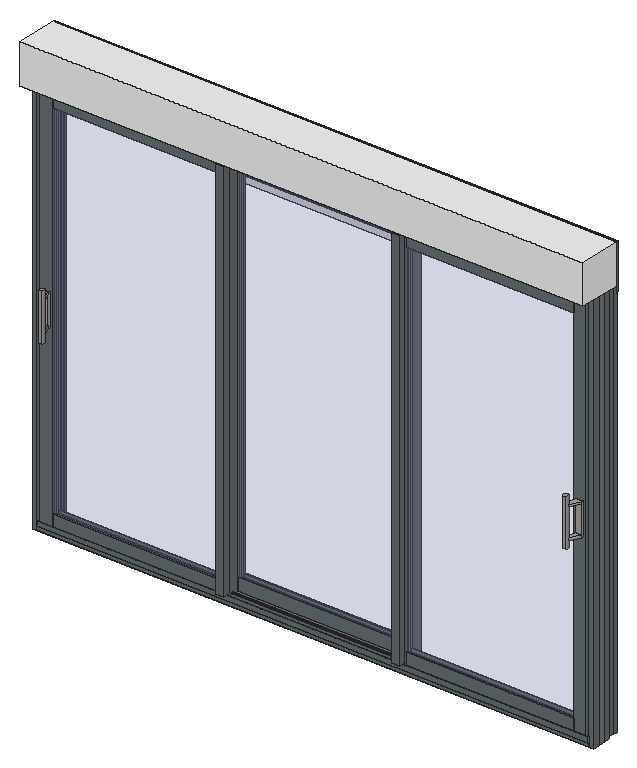
Revit family "K-LINE COULISSANT RENO-tunnel-KLBC2R-3V - Bloc Baie", category Fenêtres, Revit 2017
Family settings
  Hôte = Mur
  Numéro OmniClass = 23.30.20.00
  Titre OmniClass = Windows
  Toujours verticalement = Oui
  Couper avec des vides une fois chargée = Non
  Partagée = Non
  Point de calcul de pièce = Non
Parameters
  Youtube clip = ""
  Vitrage principal = ""
  Vitrage = Verre
  Visibilité des lames [instance] = yes
  Uniformat II Description = "Exterior Windows"
  Uniformat II Code = "B2020"
  Uniclass 2015 Name = "Doors and windows"
  Uniclass 2015 Code = "EF_25_30"
  Uniclass 2.0 Description = "Windows"
  Uniclass 2.0 Code = "PR-59-97"
  Uniclass 1.4 Description = "Windows"
  Uniclass 1.4 Code = "L413"
  URL = "https://pro.k-line.fr/baie-coulissante-2-rails.html"
  UNSPSC Code = "301716"
  Type porte fenêtre = Hauteur de fabrication > 1600.00 mm  # yes
  Type fenêtre = not(Type porte fenêtre)  # no
  Type de pose = "Pose en tunnel"
  Transmission thermique Uw = 1.4000 W/(m²·K)
  Transmission lumineuse TLw = "68%"
  Technical description = "http://www.pro.k-line.fr/baie-coulissante-2-rails.aspx"
  Symbole d'ouverture = yes
  Surface = Largeur * Hauteur  # 6.22415 m²
  SAV = "https://sav.k-line.fr/"
  QR code = "http://bimobject.com/k-line/product/KLBC2R-3VTX"
  Product url = "http://www.pro.k-line.fr/baie-coulissante-2-rails.aspx"
  Product group = "KL-BC2R"
  Product family = "Coulissants"
  Product data url = "https://www.bimobject.com/k-line/product/klbc2r-3vt-bbvr"
  Product certification = "http://www.pro.k-line.fr/baie-coulissante-2-rails-performances-certifications.aspx#produits"
  Product SKU = "KLBC2R-3VTX"
  Product Guid = "99e3d50a-99d2-419d-9c61-a74b00b3e5ee"
  Position traverse inter = Position du dessus de traverse - 64.00 mm  # 836.00 mm
  Position du dessus de traverse = 900.00 mm
  Position de l'ouvrant [instance] = if(Coulissant ouvert, Largeur de fabrication / 3 - 65.20 mm, 42.00 mm)  # 42.00 mm
  Outil de thermo-luminosité = "https://pro.k-line.fr/le-calculateur-de-performances-thermiques-thermo-luminositer.html"
  Origine France Garantie = "https://pro.k-line.fr/pdf/attestations/Attestation_definitive_OFG_K-LINE.pdf"
  Option habillage extérieur = yes
  OmniClass Description = "Windows"
  OmniClass Code = "23-17 13 00"
  Occultation Thermobloc SPPF = yes
  Occultation Thermobloc Petit = yes
  Occultation Thermobloc Grand = not(Occultation Thermobloc Petit)  # no
  Occultation Classic BUBENDORFF = not(Occultation Thermobloc SPPF)  # no
  Occultation = if(Occultation Thermobloc SPPF, "Thermobloc SPPF", "Classic BUBENDORFF")  # "Thermobloc SPPF"
  Numéro de série = "K.........."
  Note d'identification = "08520"
  Nombre de traverses intermédiaires = 0.00 mm
  Neuf / Réno / Multi support = "Réno"
  NBS Reference Description = "Windows"
  NBS Reference Code = "59-97"
  Mortaise et grille d'entrée d'air = "Non"
  Modèle = "KL-BC2R-2V"
  Message Hors abaques [instance] = yes
  Matériaux = "Aluminium et verre"
  Masterformat 2014 Description = "Aluminum Windows"
  Masterformat 2014 Code = "08 51 13"
  Manufacturer name = "K.LINE"
  Manufacturer country = "France"
  Largeur ouvrant ext = (Largeur de fabrication - 199.00 mm) / 3 + 50.00 mm  # 917.00 mm
  Largeur ouvrant = (Largeur de fabrication - 199.00 mm) / 3 + 72.50 mm  # 939.50 mm
  Largeur de store = Largeur de fabrication - 30.20 mm  # 2769.80 mm
  Largeur de fabrication = Largeur - Joint en montants * 2  # 2800.00 mm
  Rough Width [instance] = Largeur  # 2810.00 mm
  Joint en traverses = 5.00 mm
  Joint en montants = 5.00 mm
  Installation instructions = "https://pro.k-line.fr/notices-de-pose.html"
  IFC Classification = "Window"
  Ht coffre = if(Occultation Classic BUBENDORFF, 200.00 mm, (if(Occultation Thermobloc Grand, 225.00 mm, 195.00 mm)))  # 195.00 mm
  Hors abaques Porte Fenetre [instance] = or(or(1500.00 mm > Largeur de fabrication, Largeur de fabrication > 3000.00 mm), or(1601.00 mm > Hauteur de fabrication, Hauteur de fabrication > 2500.00 mm), and(Hauteur de fabrication > 2000.00 mm, Largeur de fabrication < 1600.00 mm), and(Hauteur de fabrication > 2100.00 mm, Largeur de fabrication < 1700.00 mm), and(Hauteur de fabrication > 2200.00 mm, Largeur de fabrication < 1800.00 mm), and(Hauteur de fabrication > 2350.00 mm, Largeur de fabrication > 3900.00 mm))  # no
  Hors abaques Fenetre [instance] = or(or(1200.00 mm > Largeur de fabrication, Largeur de fabrication > 3000.00 mm), or(500.00 mm > Hauteur de fabrication, Hauteur de fabrication > 1600.00 mm))  # yes
  Hors abaques [instance] = and(if(Type fenêtre, Hors abaques Fenetre, Hors abaques Porte Fenetre), Message Hors abaques)  # no
  Hauteur ouvrant = Hauteur dormant - 75.00 mm  # 1930.00 mm
  Hauteur dormant = Hauteur de fabrication - Ht coffre  # 2005.00 mm
  Hauteur de store = Hauteur dormant - 10.80 mm  # 1994.20 mm
  Hauteur de fabrication = Hauteur - Joint en traverses * 2 - 5.00 mm  # 2200.00 mm
  Rough Height [instance] = Hauteur  # 2215.00 mm
  Hauteur = 2215.00 mm
  Hauteur de l'appui par défaut = 0.00 mm
  Garanties = "https://www.pro.k-line.fr/pdf/Attestations-Avis_technique/Responsabilite_fabricant/Garanties_Legales_KLINE.pdf"
  Fermeture du mur = Par hôte
  Largeur = 2810.00 mm
  Famille de produit = "COULISSANT"
  Facteur solaire ScW (Hiver) = 0.55
  Fabricant = "K.LINE"
  Entretien = "https://www.pro.k-line.fr/pdf/Fiches_Entretien/Entretien_Menuiserie.pdf"
  Entreprise de pose = ""
  EAN code = ""
  Décalage intérieur du nu fini [instance] = 70.00 mm
  Description = "Fenêtre et porte fenêtre coulissante alu 2 rails"
  Coulissant ouvert [instance] = no
  Couleur lames de volet = BUBENDORFF - 100 (RAL 9016)
  Couleur châssis Int = K.Line Intemporel Gris foncé (7016 S) - EC
  Couleur châssis Ext = K.Line Intemporel Gris foncé (7016 S) - EC
  Couleur Accessoire Int = K.Line Accessoires Aspect Inox - TD
  Contraintes de Largeur = if(Type fenêtre, "1200 < Largeur < 3000", "1500 < Largeur < 3000")  # "1500 < Largeur < 3000"
  Contraintes de Hauteur = if(Type fenêtre, "500 < Hauteur < 1600", "1601 < Hauteur < 2400")  # "1601 < Hauteur < 2400"
  Construction analytique = "<Aucun>"
  Composition analytique de base = "Châssis 2350x2180 - Vitrage 4/WE Argon 20/TBE 4"
  Code d'assemblage = "B2020110"
  Classement AEV = "A*4 E*6B V*A3"
  Classe COV = "A+"
  Clair passage total = Largeur de fabrication / 3 - 116.00 mm  # 817.333 mm
  COBIe Type Category = ""
  Brand url = "http://www.k-line.fr/index.aspx"
  BIMobject main category code = "windows"
  BIMobject main category = "Windows"
  BIMobject category code = "windows-slide"
  BIMobject category = "Opening Slide"
  Avis technique = "https://pro.k-line.fr/attestations-avis-techniques.html"
  Affaiblissement acoustique R(A,tr) = "30dB"
Reference planes
  plane 1 "Centre (avant/arrière)": y = 0
  plane 2 "Centre (gauche/droite)": x = 0
  plane 3 "Gauche": x = -1405
  plane 4 "Droite": x = 1405
  plane 5 "Appui": z = 0
  plane 6 "Tête": z = 2215
  plane 7 "Extérieur": y = 150
  plane 8 "Intérieur": y = -150
  plane 9: y = -80
  plane 10: x = -1358
  plane 11: y = -350
  plane 12: x = -1400
  plane 13: x = 1400
  plane 14: z = 5
  plane 15: z = 44
  plane 16: z = 2010
  plane 17: x = 1358
Forms (mm)
  Extrusion 1, void
    sketch origin (0, 0, 0) x (1, 0, 0) y (0, 1, 0)
      loop
        line (-1405, 150) -> (-1405, -150) -> (1405, -150) -> (1405, 150) -> (-1405, 150)
    from 0 to 2215
Text (mm)
  text "EXTERIEUR" at (-1963.203, 1332.353, 0), in view "Niveau de réf."
  text "INTERIEUR" at (-1981.466, -818.386, 0), in view "Niveau de réf."
  text "Extérieur" at (0, 923.751, 2943.296), in view "Droite"
  text "Extérieur" at (0, 1040.484, 2685.409), in view "Gauche"
Dimensions and locks
  equal spacing: plane 3 "Gauche", plane 2 "Centre (gauche/droite)", plane 4 "Droite"
  "Largeur": plane 3 "Gauche" to plane 4 "Droite"
  "Hauteur": plane 5 "Appui" to plane 6 "Tête"
  "Hauteur de l'appui par défaut": plane 5 "Appui" to level
  locked: plane 7 "Extérieur" to host wall at 0
  locked: plane 8 "Intérieur" to host wall
  locked: plane 11 to plane 8 "Intérieur" at 200
  "Décalage intérieur du nu fini": plane 9 to plane 8 "Intérieur"
  "Joint en montants": plane 3 "Gauche" to plane 12
  "Joint en montants": plane 4 "Droite" to plane 13
  locked: plane 12 to plane 10 at 42
  "Joint en traverses": plane 14 to plane 5 "Appui"
  locked: plane 15 to plane 14 at 39
  "Hauteur dormant": plane 16 to plane 14
  "Position de l'ouvrant": plane 17 to plane 13
  aligned and locked: Extrusion 1 sketch curve to host wall  (x2)
  aligned and locked: Extrusion 1 sketch curve to plane 3 "Gauche"
  aligned and locked: plane 4 "Droite" to Extrusion 1 sketch curve
  aligned and locked: Extrusion 1 to plane 6 "Tête"
  aligned and locked: plane 5 "Appui" to Extrusion 1
  aligned and locked: nested 3 to plane 2 "Centre (gauche/droite)"
  aligned and locked: nested 3 to plane 11
  aligned and locked: nested 1 to plane 9
  aligned and locked: nested 1 to nested 2
  aligned and locked: plane 16 to nested 1
  aligned and locked: plane 15 to nested 2
  aligned and locked: plane 2 "Centre (gauche/droite)" to nested 4
  aligned and locked: nested 4 to plane 16
  aligned and locked: nested 4 to nested 1
  aligned and locked: plane 2 "Centre (gauche/droite)" to nested 2
  aligned and locked: nested 5 to nested 1
  aligned and locked: nested 5 to plane 10
  aligned and locked: plane 15 to nested 5
  aligned and locked: plane 17 to nested 6
  aligned and locked: nested 6 to plane 15
  aligned and locked: nested 1 to nested 6
  aligned and locked: nested 1 to plane 2 "Centre (gauche/droite)"
Nested families
  nested 1: "Dormant KL-BC2R RENO tunnel occultation" at (0, -80, 5), type "Dormant KL-BC2R RENO tunnel occultation"
    with Largeur 2800.00 mm, Hauteur 2005.00 mm
  nested 2: "Ouvrant KLBC-3V" at (-458.5, -3.25, 44) x (-1, 0, 0) z (0, 0, 1), type "Ouvrant KLBC-3V"
    with Position traverses 618.667 mm, Lg vitrage 867.00 mm, Lg traverse 837.00 mm, Largeur 917.00 mm, Ht vitrage 1834.00 mm, Ht traverse 1 836.00 mm, Hauteur 1930.00 mm
  nested 3: "Texte Hors abaques" at (0, -350, 0), visible <- "Hors abaques", type "Texte Hors abaques"
  nested 4: "Bloc Baie Reno" at (0, 61.75, 15.8) x (-1, 0, 0) z (0, 0, 1), Visibilité des lames <- "Visibilité des lames", type "Bloc Baie Reno"
    with Visibilité des lames yes, Profondeur coffre 215.00 mm, Largeur 2769.80 mm, Hauteur coffre 195.00 mm, Hauteur 1994.20 mm, Grand T no
  nested 5: "Ouvrant KLBC" at (-1358, -58.25, 44) x (-1, 0, 0) z (0, 0, 1), type "Ouvrant KLBC"
    with Vantail Int yes, Vantail Ext no, Renfort PF yes, Position symbole 85.00 mm, Poignée PF yes, Poignée F no, Poignée CPI no, Position traverses 618.667 mm, Porte fenêtre yes, Lg vitrage 867.00 mm, Lg traverse 837.00 mm, Largeur 939.50 mm, Ht vitrage 1834.00 mm, Ht traverse 1 836.00 mm, Hauteur 1930.00 mm, Fenêtre no
  nested 6: "Ouvrant KLBC" at (1358, -58.25, 44), type "Ouvrant KLBC"
    with Vantail Int yes, Vantail Ext no, Renfort PF yes, Position symbole 85.00 mm, Poignée PF yes, Poignée F no, Poignée CPI no, Position traverses 618.667 mm, Porte fenêtre yes, Lg vitrage 867.00 mm, Lg traverse 837.00 mm, Largeur 939.50 mm, Ht vitrage 1834.00 mm, Ht traverse 1 836.00 mm, Hauteur 1930.00 mm, Fenêtre no
Definition of nested family "Dormant KL-BC2R RENO tunnel occultation"
  Parameters
    Width = 2311.40 mm
    Height = 2500.00 mm
    Couleur Int = none
    Couleur Ext = none
    Analytic Construction = "<Aucun>"
  Reference planes
    plane 1 "Centre (avant/arrière)": y = 0
    plane 2: z = 0
    plane 3 "Centre (gauche/droite)": x = 0
    plane 4: x = -1155.7
    plane 5: x = 1155.7
    plane 6: y = 14.25
    plane 7: y = 84.25
    plane 8: x = 1117.6
    plane 9: x = 1104.6
    plane 10: y = 29.25
    plane 11: y = 69.25
    plane 12 "Axe clou Int": y = 21.75
    plane 13 "Axe coul Ext": y = 76.75
    plane 14: z = 2500
    plane 15: z = 20.8
    plane 16: z = 46.8
    plane 17: x = -1117.6
    plane 18: x = -1104.6
    plane 19: z = 33.8
    plane 20: x = 1128.6
    plane 21: x = 1140.6
    plane 22: x = -1140.6
    plane 23: x = -1128.6
    plane 24: y = 94.25
    plane 25: x = 1151.4
    plane 26: y = 136.75
    plane 27: x = -1151.4
    plane 28: z = 2504.3
    plane 29: z = -4.3
    plane 30: z = 10.8
  Forms (mm)
    Sweep 1, solid, material <- "Couleur Ext"
      path origin (0, 0, 0) x (1, 0, 0) y (0, 0, 1)
        loop
          line (1155.7, -4.3) -> (1155.7, 2504.3) -> (-1155.7, 2504.3) -> (-1155.7, -4.3) -> (1155.7, -4.3)
      profile origin (1155.7, 0, 1250) x (-1, 0, 0) y (0, -1, 0)
        loop
          line (25.1, -71.75) -> (25.1, -84.25) -> (51.1, -84.25) -> (51.1, -69.25) -> (4.3, -69.25) -> (4.3, -94.25) -> (15.1, -94.25) -> (15.1, -71.75) -> (25.1, -71.75)
    Sweep 2, solid, material <- "Couleur Int"
      path origin (0, 0, 0) x (1, 0, 0) y (0, 0, 1)
        loop
          line (1155.7, -4.3) -> (1155.7, 2504.3) -> (-1155.7, 2504.3) -> (-1155.7, -4.3) -> (1155.7, -4.3)
      profile origin (1155.7, 0, 1250) x (-1, 0, 0) y (0, -1, 0)
        loop
          line (27.1, -14.25) -> (27.1, 0) -> (4.3, 0) -> (4.3, -29.25) -> (51.1, -29.25) -> (51.1, -14.25) -> (27.1, -14.25)
    Sweep 3, solid
      path origin (0, 0, 0) x (1, 0, 0) y (0, 0, 1)
        loop
          line (1155.7, 0) -> (1155.7, 2504.3) -> (-1155.7, 2504.3) -> (-1155.7, 0)
      profile origin (1155.7, 0, 1252.15) x (-1, 0, 0) y (0, -1, 0)
        loop
          line (38.1, -69.25) -> (38.1, -29.25) -> (4.3, -29.25) -> (4.3, -69.25) -> (38.1, -69.25)
    Extrusion 4, solid
      sketch origin (0, 0, 0) x (0, 1, 0) y (0, 0, 1)
        loop
          line (29.25, 33.8) -> (29.25, 47.608) -> (21.767, 49.297) -> (14.25, 47.6) -> (14.25, 46.8) -> (28.285, 46.8) -> (28.285, 0) -> (70.285, 0) -> (70.285, 46.8) -> (84.25, 46.8) -> (84.25, 47.6) -> (76.767, 49.297) -> (69.25, 47.592) -> (69.25, 33.8) -> (29.25, 33.8)
      from -1104.6 to 1104.6
    Extrusion 5, solid, material <- "Couleur Int"
      sketch origin (0, 0, 0) x (0, 1, 0) y (0, 0, 1)
        loop
          line (0, 0) -> (28.285, 0) -> (28.285, 46.8) -> (14.25, 46.8) -> (14.25, 22.8) -> (-3, 22.8) -> (-3, 45.2) -> (-5, 45.2) -> (-5, 20.8) -> (0, 20.8) -> (0, 0)
      from -1128.6 to 1128.6
    Extrusion 6, solid, material <- "Couleur Ext"
      sketch origin (0, 0, 0) x (1, 0, 0) y (0, 1, 0)
        loop
          line (1140.6, 136.75) -> (1140.6, 94.25) -> (1151.4, 94.25) -> (1151.4, 121.75) -> (1155.7, 121.75) -> (1155.7, 136.75) -> (1140.6, 136.75)
        loop
          line (-1140.6, 136.75) -> (-1155.7, 136.75) -> (-1155.7, 121.75) -> (-1151.4, 121.75) -> (-1151.4, 94.25) -> (-1140.6, 94.25) -> (-1140.6, 136.75)
      from 10.8 to 2500
  Dimensions and locks
    equal spacing: plane 4, plane 3 "Centre (gauche/droite)", plane 5
    "Width": plane 4 to plane 5
    locked: plane 9 to plane 8 at 13
    locked: plane 6 to plane 10 at 15
    locked: plane 7 to plane 11 at 15
    locked: plane 13 "Axe coul Ext" to plane 7 at 7.5
    locked: plane 6 to plane 12 "Axe clou Int" at 7.5
    "Height": plane 14 to plane 2
    locked: plane 15 to plane 2 at 20.8
    locked: plane 16 to plane 2 at 46.8
    locked: plane 17 to plane 22 at 23
    locked: plane 18 to plane 17 at 13
    locked: plane 19 to plane 2 at 33.8
    locked: plane 10 to plane 11 at 40
    locked: plane 1 "Centre (avant/arrière)" to plane 6 at 14.25
    locked: plane 9 to plane 20 at 24
    locked: plane 21 to plane 5 at 15.1
    locked: plane 22 to plane 4 at 15.1
    locked: plane 18 to plane 23 at 24
    locked: plane 25 to plane 5 at 4.3
    locked: plane 7 to plane 24 at 10
    locked: plane 24 to plane 26 at 42.5
    locked: Sweep 1 sketch curve to plane 21 at 10
    locked: plane 4 to plane 27 at 4.3
    locked: plane 20 to plane 25 at 22.8
    locked: plane 28 to plane 14 at 4.3
    locked: plane 29 to Extrusion 5 at 4.3
    locked: plane 2 to plane 30 at 10.8
    aligned and locked: level to plane 2
    aligned and locked: plane 11 to Extrusion 4 sketch curve
    aligned and locked: plane 7 to Extrusion 4 sketch curve
    aligned and locked: Extrusion 4 sketch curve to plane 16  (x2)
    aligned and locked: plane 10 to Extrusion 4 sketch curve
    aligned and locked: Extrusion 4 sketch curve to plane 6
    aligned and locked: Extrusion 4 to plane 18
    aligned and locked: Extrusion 4 to plane 9
    aligned and locked: Extrusion 4 sketch curve to plane 19
    aligned and locked: plane 15 to Extrusion 5 sketch curve
    aligned and locked: Extrusion 5 sketch curve to plane 6
    aligned and locked: plane 9 to Sweep 2 sketch curve
    aligned and locked: plane 1 "Centre (avant/arrière)" to Sweep 2 sketch curve
    aligned and locked: plane 6 to Sweep 2 sketch curve
    aligned and locked: Sweep 2 sketch curve to plane 10
    aligned and locked: plane 20 to Sweep 2 sketch curve
    aligned and locked: Sweep 3 sketch curve to plane 10
    aligned and locked: Sweep 3 sketch curve to plane 11
    aligned and locked: plane 8 to Sweep 3 sketch curve
    aligned and locked: Sweep 1 sketch curve to plane 11
    aligned and locked: Sweep 1 sketch curve to plane 7
    aligned and locked: plane 9 to Sweep 1 sketch curve
    aligned and locked: nested 2 to plane 1 "Centre (avant/arrière)"
    aligned and locked: plane 1 "Centre (avant/arrière)" to nested 1
    aligned and locked: plane 2 to Sweep 3 sketch curve  (x2)
    aligned and locked: plane 2 to Extrusion 4 sketch curve
    aligned and locked: plane 1 "Centre (avant/arrière)" to Extrusion 5 sketch curve
    aligned and locked: Extrusion 5 sketch curve to plane 2
    aligned and locked: Extrusion 5 to plane 23
    aligned and locked: Extrusion 5 to plane 20
    aligned and locked: Sweep 1 sketch curve to plane 21
    aligned and locked: plane 25 to Sweep 1 sketch curve
    aligned and locked: Sweep 3 sketch curve to plane 25
    aligned and locked: plane 25 to Sweep 2 sketch curve
    aligned and locked: nested 3 to plane 5
    aligned and locked: nested 4 to plane 4
    aligned and locked: Sweep 2 sketch curve to plane 28
    aligned and locked: Sweep 1 sketch curve to plane 28
    aligned and locked: Sweep 3 sketch curve to plane 28
    aligned and locked: plane 14 to nested 2
    aligned and locked: Sweep 2 sketch curve to plane 29
    aligned and locked: Sweep 1 sketch curve to plane 29
    aligned and locked: plane 26 to Extrusion 6 sketch curve
    aligned and locked: Extrusion 6 sketch curve to plane 24
    aligned and locked: plane 21 to Extrusion 6 sketch curve
    aligned and locked: Extrusion 6 sketch curve to plane 25
    aligned and locked: Extrusion 6 sketch curve to plane 5
    aligned and locked: Extrusion 6 to Sweep 1
    aligned and locked: plane 14 to Extrusion 6
    aligned and locked: nested 4 to plane 1 "Centre (avant/arrière)"
    aligned and locked: plane 1 "Centre (avant/arrière)" to nested 3
    aligned and locked: plane 2 to nested 1
  Automatic sketch dimensions
    Sweep 3 sketch curve to plane 4 = 0.00 mm
    plane 5 to Sweep 3 sketch curve = 0.00 mm
    Extrusion 4 sketch curve to plane 12 "Axe clou Int" = 0.017 mm
    plane 10 to Extrusion 4 sketch curve = 0.965 mm
    plane 11 to Extrusion 4 sketch curve = 1.035 mm
    plane 13 "Axe coul Ext" to Extrusion 4 sketch curve = 0.017 mm
    plane 16 to Extrusion 4 sketch curve = 0.792 mm
    Extrusion 4 sketch curve to Extrusion 4 sketch curve = 0.80 mm  (x2)
    plane 16 to Extrusion 4 sketch curve = 0.808 mm
    plane 16 to Extrusion 4 sketch curve = 2.497 mm  (x2)
    Extrusion 5 sketch curve to plane 16 = 0.00 mm
    plane 1 "Centre (avant/arrière)" to Extrusion 5 sketch curve = 3.00 mm
    Extrusion 5 sketch curve to Extrusion 5 sketch curve = 2.00 mm
    plane 10 to Extrusion 5 sketch curve = 0.965 mm
    plane 15 to Extrusion 5 sketch curve = 2.00 mm
    Extrusion 5 sketch curve to plane 16 = 1.60 mm
    Sweep 1 sketch curve to Sweep 1 sketch curve = 10.00 mm
    Sweep 1 sketch curve to Sweep 1 sketch curve = 12.50 mm
    Sweep 2 sketch curve to plane 4 = 0.00 mm
    plane 5 to Sweep 2 sketch curve = 0.00 mm
    Sweep 1 sketch curve to plane 4 = 0.00 mm
    plane 5 to Sweep 1 sketch curve = 0.00 mm
    Extrusion 6 sketch curve to plane 4 = 0.00 mm
    Extrusion 6 sketch curve to plane 27 = 0.00 mm
    Extrusion 6 sketch curve to plane 22 = 0.00 mm
    plane 24 to Extrusion 6 sketch curve = 0.00 mm
    plane 26 to Extrusion 6 sketch curve = 0.00 mm
    plane 26 to Extrusion 6 sketch curve = 15.00 mm  (x2)
  Nested families
    nested 1: "Détail 2D - Traverse dormant BC2R RENO Tunnel occultation" at (0, 0, 0) x (0, -1, 0) z (1, 0, 0), type "Détail 2D - Traverse dormant BC2R RENO Tunnel occultation"
      with Traverse basse yes, Montants no, Joint yes, A 13.00 mm
    nested 2: "Détail 2D - Traverse dormant BC2R RENO Tunnel occultation" at (0, 0, 2500) x (0, -1, 0) z (1, 0, 0), type "Détail 2D - Traverse dormant BC2R RENO Tunnel occultation"
      with Traverse basse no, Montants yes, Joint no, A 23.00 mm
    nested 3: "Détail 2D - Montant dormant BC2R RENO Tunnel occultation" at (1155.7, 0, 0) x (0, -1, 0) z (0, 0, 1), type "Détail 2D - Montant dormant BC2R RENO Tunnel occultation"
      with A 13.00 mm
    nested 4: "Détail 2D - Montant dormant BC2R RENO Tunnel occultation" at (-1155.7, 0, 0) x (0, -1, 0) z (0, 0, 1), type "Détail 2D - Montant dormant BC2R RENO Tunnel occultation"
      with A 13.00 mm
  Definition of nested family "Détail 2D - Traverse dormant BC2R RENO Tunnel occultation"
    Parameters
      Traverse basse [instance] = yes
      Montants [instance] = not(Traverse basse)  # no
      Joint [instance] = yes
      A [instance] = 13.00 mm
    Reference planes
      plane 1 "Centre (avant/arrière)": y = 0
      plane 2: z = 0
      plane 3 "Centre (gauche/droite)": x = 0
      plane 4: y = -46.8
      plane 5: x = -84.25
      plane 6: y = -33.8
      plane 7: y = -22.8
      plane 8: x = -69.25
      plane 9: x = -14.25
      plane 10: x = -29.25
      plane 11: x = -94.25
    Lines and regions (mm)
      Filled region 1, type "Uni - Gris", in view "Niveau de réf.", visible <- "Montants", detail levels medium+fine
        outline origin (0, 0, 0) x (1, 0, 0) y (0, 1, 0)
          loop
            line (-29.25, -46.8) -> (-14.25, -46.8) -> (-14.25, -22.8) -> (0, -22.8) -> (0, 0) -> (-94.25, 0) -> (-94.25, -10.8) -> (-71.75, -10.8) -> (-71.75, -20.8) -> (-84.25, -20.8) -> (-84.25, -46.8) -> (-69.25, -46.8) -> (-69.25, -33.8) -> (-29.25, -33.8) -> (-29.25, -46.8)
      Filled region 2, type "Uni - Blanc", in view "Niveau de réf.", detail levels coarse
        outline origin (0, 0, 0) x (1, 0, 0) y (0, 1, 0)
          loop
            line (-84.25, 0) -> (-84.25, -46.8) -> (0, -46.8) -> (0, 0) -> (-84.25, 0)
      Filled region 3, type "Uni - Gris", in view "Niveau de réf.", visible <- "Traverse basse", detail levels medium+fine
        outline origin (0, 0, 0) x (1, 0, 0) y (0, 1, 0)
          loop
            line (-84.25, -47.293) -> (-76.75, -48.99) -> (-69.25, -47.293) -> (-69.25, -33.8) -> (-29.25, -33.8) -> (-29.25, -47.293) -> (-21.75, -48.99) -> (-14.25, -47.293) -> (-14.25, -45.993) -> (-14.25, -22.8) -> (3, -22.8) -> (3, -45.2) -> (5, -45.2) -> (5, -20.8) -> (0, -20.8) -> (0, 0) -> (-94.25, 0) -> (-94.25, -10.789) -> (-71.75, -10.789) -> (-71.75, -20.789) -> (-84.25, -20.789) -> (-84.25, -47.293)
    Dimensions and locks
      locked: plane 5 to plane 3 "Centre (gauche/droite)" at 84.25
      "A": plane 6 to plane 4
      plane 7 to plane 1 "Centre (avant/arrière)" = 22.80 mm
      locked: plane 7 to plane 4 at 24
      locked: plane 3 "Centre (gauche/droite)" to plane 9 at 14.25
      locked: plane 5 to plane 8 at 15
      locked: plane 10 to plane 9 at 15
      locked: Filled region 3 sketch curve to Filled region 3 sketch curve at 24.4
      locked: Filled region 3 sketch curve to Filled region 3 sketch curve at 2
      locked: plane 11 to plane 5 at 10
      aligned and locked: plane 5 to Filled region 2 sketch curve
      aligned and locked: plane 4 to Filled region 2 sketch curve
      aligned and locked: Filled region 2 to plane 1 "Centre (avant/arrière)"
      aligned and locked: Filled region 1 to plane 7
      aligned and locked: plane 4 to Filled region 1 sketch curve
      aligned and locked: Filled region 1 sketch curve to plane 4
      aligned and locked: Filled region 1 sketch curve to plane 5
      aligned and locked: plane 7 to Filled region 1 sketch curve
      aligned and locked: plane 1 "Centre (avant/arrière)" to Filled region 1 sketch curve
      aligned and locked: Filled region 1 sketch curve to plane 3 "Centre (gauche/droite)"
      aligned and locked: plane 9 to Filled region 1 sketch curve
      aligned and locked: Filled region 1 sketch curve to plane 10
      aligned and locked: plane 8 to Filled region 1 sketch curve
      aligned and locked: plane 6 to Filled region 3 sketch curve
      aligned and locked: plane 7 to Filled region 3 sketch curve
      aligned and locked: plane 5 to Filled region 3 sketch curve
      aligned and locked: Filled region 3 sketch curve to plane 8
      aligned and locked: Filled region 3 sketch curve to plane 10
      aligned and locked: plane 9 to Filled region 3 sketch curve
      aligned and locked: Filled region 3 sketch curve to plane 3 "Centre (gauche/droite)"
      aligned and locked: plane 3 "Centre (gauche/droite)" to Filled region 2
      aligned and locked: plane 5 to import instance
      aligned and locked: import instance to plane 1 "Centre (avant/arrière)"
      aligned and locked: plane 1 "Centre (avant/arrière)" to import instance
      aligned and locked: plane 3 "Centre (gauche/droite)" to import instance
      aligned and locked: plane 11 to Filled region 3 sketch curve
      aligned and locked: Filled region 1 sketch curve to plane 11
    Automatic sketch dimensions
      Filled region 2 sketch curve to plane 1 "Centre (avant/arrière)" = 0.00 mm
      plane 3 "Centre (gauche/droite)" to Filled region 2 sketch curve = 0.00 mm
      Filled region 1 sketch curve to plane 6 = 0.00 mm
      Filled region 1 sketch curve to plane 8 = 2.50 mm
      plane 7 to Filled region 1 sketch curve = 2.00 mm
      Filled region 1 sketch curve to Filled region 1 sketch curve = 10.00 mm
      Filled region 3 sketch curve to plane 8 = 2.50 mm
      plane 1 "Centre (avant/arrière)" to Filled region 3 sketch curve = 10.789 mm
      plane 7 to Filled region 3 sketch curve = 2.011 mm
      Filled region 3 sketch curve to plane 4 = 2.19 mm  (x2)
      Filled region 3 sketch curve to plane 8 = 7.50 mm
      plane 9 to Filled region 3 sketch curve = 7.50 mm
      plane 3 "Centre (gauche/droite)" to Filled region 3 sketch curve = 3.00 mm
      Filled region 3 sketch curve to Filled region 3 sketch curve = 2.00 mm
      Filled region 3 sketch curve to plane 4 = 0.493 mm  (x4)
      plane 4 to Filled region 3 sketch curve = 0.807 mm
      plane 1 "Centre (avant/arrière)" to Filled region 3 sketch curve = 0.00 mm
  Definition of nested family "Détail 2D - Montant dormant BC2R RENO Tunnel occultation"
    Parameters
      A [instance] = 13.00 mm
    Reference planes
      plane 1 "Centre (avant/arrière)": y = 0
      plane 2: z = 0
      plane 3 "Centre (gauche/droite)": x = 0
      plane 4: y = -51.1
      plane 5: x = -84.25
      plane 6: y = -38.1
      plane 7: y = -27.1
      plane 8: x = -69.25
      plane 9: x = -14.25
      plane 10: x = -29.25
      plane 11: x = -136.75
      plane 12: y = -4.3
    Lines and regions (mm)
      Filled region 1, type "Uni - Gris", in view "Niveau de réf.", detail levels medium+fine
        outline origin (0, 0, 0) x (1, 0, 0) y (0, 1, 0)
          loop
            line (-29.25, -51.1) -> (-14.25, -51.1) -> (-14.25, -27.1) -> (0, -27.1) -> (0, -4.3) -> (-121.75, -4.3) -> (-121.75, 0) -> (-136.75, 0) -> (-136.75, -15.1) -> (-71.75, -15.1) -> (-71.75, -25.1) -> (-84.25, -25.1) -> (-84.25, -51.1) -> (-69.25, -51.1) -> (-69.25, -38.1) -> (-29.25, -38.1) -> (-29.25, -51.1)
      Filled region 2, type "Uni - Blanc", in view "Niveau de réf.", detail levels coarse
        outline origin (0, 0, 0) x (1, 0, 0) y (0, 1, 0)
          loop
            line (-136.75, 0) -> (-136.75, -15.1) -> (-84.25, -15.1) -> (-84.25, -51.1) -> (0, -51.1) -> (0, 0) -> (-136.75, 0)
    Dimensions and locks
      locked: plane 5 to plane 3 "Centre (gauche/droite)" at 84.25
      "A": plane 6 to plane 4
      locked: plane 7 to plane 1 "Centre (avant/arrière)" at 27.1
      locked: plane 7 to plane 4 at 24
      locked: plane 3 "Centre (gauche/droite)" to plane 9 at 14.25
      locked: plane 5 to plane 8 at 15
      locked: plane 10 to plane 9 at 15
      locked: plane 11 to plane 5 at 52.5
      locked: plane 1 "Centre (avant/arrière)" to plane 12 at 4.3
      locked: Filled region 1 sketch curve to plane 4 at 26
      locked: Filled region 1 sketch curve to Filled region 1 sketch curve at 10
      aligned and locked: plane 5 to Filled region 2 sketch curve
      aligned and locked: plane 4 to Filled region 2 sketch curve
      aligned and locked: Filled region 2 to plane 1 "Centre (avant/arrière)"
      aligned and locked: Filled region 1 to plane 7
      aligned and locked: plane 4 to Filled region 1 sketch curve
      aligned and locked: Filled region 1 sketch curve to plane 4
      aligned and locked: Filled region 1 sketch curve to plane 5
      aligned and locked: plane 7 to Filled region 1 sketch curve
      aligned and locked: Filled region 1 sketch curve to plane 3 "Centre (gauche/droite)"
      aligned and locked: plane 9 to Filled region 1 sketch curve
      aligned and locked: Filled region 1 sketch curve to plane 10
      aligned and locked: plane 8 to Filled region 1 sketch curve
      aligned and locked: plane 3 "Centre (gauche/droite)" to Filled region 2
      aligned and locked: import instance to plane 1 "Centre (avant/arrière)"
      aligned and locked: Filled region 1 sketch curve to plane 12
      aligned and locked: Filled region 1 sketch curve to plane 6
      aligned and locked: Filled region 1 sketch curve to plane 11
      aligned and locked: Filled region 2 sketch curve to plane 11
      aligned and locked: plane 11 to import instance
      aligned and locked: import instance to plane 12
      aligned and locked: plane 3 "Centre (gauche/droite)" to import instance
    Automatic sketch dimensions
      plane 1 "Centre (avant/arrière)" to Filled region 1 sketch curve = 0.00 mm
      Filled region 1 sketch curve to plane 8 = 2.50 mm
      plane 11 to Filled region 1 sketch curve = 15.00 mm
      Filled region 2 sketch curve to plane 3 "Centre (gauche/droite)" = 0.00 mm
      plane 1 "Centre (avant/arrière)" to Filled region 2 sketch curve = 0.00 mm
      Filled region 2 sketch curve to plane 12 = 10.80 mm
Definition of nested family "Ouvrant KLBC-3V"
  Parameters (values of type "Ouvrant KLBC-3V")
    Vitrage = none
    Visibilité ouverture = yes
    Position traverses = if([3 traverses], (Height - 274.00 mm) / 4 + 50.00 mm, (Height - 224.00 mm) / 3 + 50.00 mm)  # 689.667 mm
    Nb traverses = 0.00 mm
    Lg vitrage = Width - 50.00 mm  # 692.333 mm
    Lg traverse = Width - 80.00 mm  # 662.333 mm
    Width = 742.333 mm
    Ht vitrage = Height - 96.00 mm  # 2047.00 mm
    Ht traverse 1 = 431.00 mm
    Height = 2143.00 mm
    Couleur châssis Int = none
    Couleur châssis Ext = none
    Couleur Accessoire Int = none
    Analytic Construction = "<Aucun>"
    3 traverses = Nb traverses = 3.00 mm  # no
    2 traverses = or(Nb traverses = 2.00 mm, Nb traverses = 3.00 mm)  # no
    1 traverse = Nb traverses = 1.00 mm  # no
  Reference planes
    plane 1 "Centre (avant/arrière)": y = 0
    plane 2: z = 0
    plane 3 "Centre (gauche/droite)": x = 0
    plane 4: x = -742.333
    plane 5: y = 21.75
    plane 6 "Nu ext": y = -21.75
    plane 7: x = -40
    plane 8: x = -25
    plane 9: x = -3
    plane 10: x = -702.333
    plane 11: x = -717.333
    plane 12: x = -722.333
    plane 13: y = -14
    plane 14: y = 14
    plane 15: y = -8
    plane 16: y = 8
    plane 17: x = -739.333
    plane 18: y = 28.25
    plane 19: z = 2143
    plane 20: z = 1071.5
    plane 21: z = 62
    plane 22: z = 48
    plane 23: z = 13
    plane 24: y = -20
    plane 25: y = 20
    plane 26: z = 2081
    plane 27: z = 2095
    plane 28: z = 2130
    plane 29: x = -20
    plane 30: x = -371.167
    plane 31: z = 726.667
    plane 32: z = 1416.333
    plane 33: z = 2106
    plane 34: z = 2795.667
    plane 35: z = 37
    plane 36: z = 431
    plane 37: y = 120
  Forms (mm)
    Extrusion 1, solid
      sketch origin (0, 0, 0) x (1, 0, 0) y (0, 1, 0)
        loop
          line (-739.333, 28.25) -> (-739.333, -14) -> (-717.333, -14) -> (-717.333, 14) -> (-702.333, 14) -> (-702.333, 21.75) -> (-722.333, 21.75) -> (-722.333, 28.25) -> (-739.333, 28.25)
        loop
          line (-3, 28.25) -> (-20, 28.25) -> (-20, 21.75) -> (-40, 21.75) -> (-40, 14) -> (-25, 14) -> (-25, -14) -> (-3, -14) -> (-3, 28.25)
      from 0 to 2143
    Extrusion 2, solid, material <- "Couleur châssis Ext"
      sketch origin (0, 0, 0) x (1, 0, 0) y (0, 1, 0)
        loop
          line (-742.333, 28.25) -> (-742.333, -21.75) -> (-702.333, -21.75) -> (-702.333, -14) -> (-739.333, -14) -> (-739.333, 28.25) -> (-742.333, 28.25)
        loop
          line (0, 28.25) -> (-3, 28.25) -> (-3, -14) -> (-40, -14) -> (-40, -21.75) -> (0, -21.75) -> (0, 28.25)
      from 0 to 2143
    Extrusion 3, solid, material <- "Couleur châssis Ext"
      sketch origin (0, 0, 0) x (0, 1, 0) y (0, 0, 1)
        loop
          line (-20, 62) -> (-20, 0) -> (-8, 0) -> (-8, 13) -> (0, 13) -> (0, 48) -> (-14, 48) -> (-14, 62) -> (-20, 62)
        loop
          line (-20, 2081) -> (-14, 2081) -> (-14, 2095) -> (0, 2095) -> (0, 2130) -> (-8, 2130) -> (-8, 2143) -> (-20, 2143) -> (-20, 2081)
      from -40 to -702.333
    Extrusion 4, void
      sketch origin (0, 0, 0) x (0, 1, 0) y (0, 0, 1)
        loop
          line (-8, 13) -> (-8, 0) -> (8, 0) -> (8, 13) -> (-8, 13)
        loop
          line (-8, 2130) -> (8, 2130) -> (8, 2143) -> (-8, 2143) -> (-8, 2130)
      from 0 to -742.333
    Extrusion 5, solid, material <- "Couleur châssis Int"
      sketch origin (0, 1.25, 0.625) x (0, -1, 0) y (0, 0, -1)
        loop
          line (-18.75, -61.375) -> (-12.75, -61.375) -> (-12.75, -47.375) -> (1.25, -47.375) -> (1.25, -12.375) -> (-6.75, -12.375) -> (-6.75, 0.625) -> (-18.75, 0.625) -> (-18.75, -61.375)
        loop
          line (-18.75, -2080.375) -> (-18.75, -2142.375) -> (-6.75, -2142.375) -> (-6.75, -2129.375) -> (1.25, -2129.375) -> (1.25, -2094.375) -> (-12.75, -2094.375) -> (-12.75, -2080.375) -> (-18.75, -2080.375)
      from -40 to -702.333
  Cuts and joins
    Extrusion 4 cuts Extrusion 3
    Extrusion 4 cuts Extrusion 2
    Extrusion 4 cuts Extrusion 1
  Lines and regions (mm)
    symbolic lines
      curve 1: line (-471.167, -21.75, 1071.5) -> (-271.167, -21.75, 1071.5)
      curve 2: line (-471.167, -21.75, 1071.5) -> (-434.914, -21.75, 1088.405)
      curve 3: line (-471.167, -21.75, 1071.5) -> (-434.914, -21.75, 1054.595)
      curve 9: line (-271.167, -21.75, 1071.5) -> (-307.419, -21.75, 1088.405)
      curve 10: line (-271.167, -21.75, 1071.5) -> (-307.419, -21.75, 1054.595)
    symbolic lines, visible <- "Visibilité ouverture"
      curve 4: line (-471.167, 120, 0) -> (-271.167, 120, 0)
      curve 5: line (-471.167, 120, 0) -> (-432.53, 130.353, 0)
      curve 6: line (-471.167, 120, 0) -> (-432.53, 109.647, 0)
      curve 7: line (-271.167, 120, 0) -> (-309.804, 130.353, 0)
      curve 8: line (-271.167, 120, 0) -> (-309.804, 109.647, 0)
    model lines, visible <- "Visibilité ouverture"
      curve 11: line (-307.419, -21.75, 1088.405) -> (-271.167, -21.75, 1071.5)
      curve 12: line (-271.167, -21.75, 1071.5) -> (-307.419, -21.75, 1054.595)
      curve 13: line (-271.167, -21.75, 1071.5) -> (-471.167, -21.75, 1071.5)
      curve 14: line (-434.914, -21.75, 1088.405) -> (-471.167, -21.75, 1071.5)
      curve 15: line (-471.167, -21.75, 1071.5) -> (-434.914, -21.75, 1054.595)
  Dimensions and locks
    "Width": plane 4 to plane 3 "Centre (gauche/droite)"
    locked: plane 5 to plane 1 "Centre (avant/arrière)" at 21.75
    locked: plane 6 "Nu ext" to plane 1 "Centre (avant/arrière)" at 21.75
    locked: plane 7 to plane 8 at 15
    locked: plane 9 to plane 3 "Centre (gauche/droite)" at 3
    locked: plane 10 to plane 11 at 15
    locked: plane 4 to plane 12 at 20
    locked: plane 12 to plane 10 at 20
    locked: plane 6 "Nu ext" to plane 13 at 7.75
    locked: plane 5 to plane 14 at 7.75
    locked: plane 15 to plane 1 "Centre (avant/arrière)" at 8
    locked: plane 16 to plane 1 "Centre (avant/arrière)" at 8
    locked: plane 4 to plane 17 at 3
    locked: plane 6 "Nu ext" to plane 18 at 50
    "Height": plane 19 to plane 2
    equal spacing: plane 19, plane 20, plane 2
    locked: plane 21 to plane 2 at 62
    locked: plane 21 to plane 22 at 14
    locked: plane 2 to plane 23 at 13
    locked: plane 24 to plane 13 at 6
    locked: plane 25 to plane 14 at 6
    locked: plane 26 to plane 27 at 14
    locked: plane 19 to plane 28 at 13
    locked: plane 26 to plane 19 at 62
    locked: plane 29 to plane 3 "Centre (gauche/droite)" at 20
    equal spacing: plane 11, plane 30, plane 8
    "Position traverses": plane 32 to plane 31
    "Position traverses": plane 33 to plane 32
    "Position traverses": plane 34 to plane 33
    locked: plane 21 to plane 35 at 25
    "Position traverses": plane 31 to plane 35
    "Ht traverse 1": plane 36 to plane 2
    locked: plane 37 to plane 1 "Centre (avant/arrière)" at 120
    locked: plane 7 to plane 29 at 20
    aligned and locked: level to plane 2
    aligned and locked: plane 17 to Extrusion 1 sketch curve
    aligned and locked: plane 12 to Extrusion 1 sketch curve
    aligned and locked: plane 10 to Extrusion 1 sketch curve
    aligned and locked: plane 11 to Extrusion 1 sketch curve
    aligned and locked: plane 13 to Extrusion 1 sketch curve
    aligned and locked: plane 4 to Extrusion 2 sketch curve
    aligned and locked: Extrusion 2 sketch curve to plane 17
    aligned and locked: Extrusion 2 sketch curve to plane 13
    aligned and locked: plane 10 to Extrusion 2 sketch curve
    aligned and locked: Extrusion 2 sketch curve to plane 6 "Nu ext"
    aligned and locked: plane 18 to Extrusion 2 sketch curve
    aligned and locked: plane 18 to Extrusion 1 sketch curve
    aligned and locked: Extrusion 1 sketch curve to plane 5
    aligned and locked: Extrusion 1 sketch curve to plane 14
    aligned and locked: Extrusion 2 to plane 2
    aligned and locked: Extrusion 1 to plane 2
    aligned and locked: plane 19 to Extrusion 1
    aligned and locked: plane 19 to Extrusion 2
    aligned and locked: plane 24 to Extrusion 3 sketch curve
    aligned and locked: plane 21 to Extrusion 3 sketch curve
    aligned and locked: plane 13 to Extrusion 3 sketch curve
    aligned and locked: plane 22 to Extrusion 3 sketch curve
    aligned and locked: Extrusion 3 sketch curve to plane 1 "Centre (avant/arrière)"
    aligned and locked: plane 23 to Extrusion 3 sketch curve
    aligned and locked: Extrusion 3 sketch curve to plane 2
    aligned and locked: Extrusion 3 sketch curve to plane 24
    aligned and locked: Extrusion 3 sketch curve to plane 19
    aligned and locked: Extrusion 3 sketch curve to plane 28
    aligned and locked: plane 1 "Centre (avant/arrière)" to Extrusion 3 sketch curve
    aligned and locked: Extrusion 3 sketch curve to plane 27
    aligned and locked: Extrusion 3 sketch curve to plane 13
    aligned and locked: Extrusion 3 sketch curve to plane 26
    aligned and locked: plane 15 to Extrusion 3 sketch curve
    aligned and locked: Extrusion 3 sketch curve to plane 15
    aligned and locked: plane 23 to Extrusion 4 sketch curve
    aligned and locked: Extrusion 4 sketch curve to plane 16
    aligned and locked: plane 2 to Extrusion 4 sketch curve
    aligned and locked: Extrusion 4 sketch curve to plane 15
    aligned and locked: plane 19 to Extrusion 4 sketch curve
    aligned and locked: plane 16 to Extrusion 4 sketch curve
    aligned and locked: Extrusion 4 sketch curve to plane 28
    aligned and locked: plane 15 to Extrusion 4 sketch curve
    aligned and locked: Extrusion 4 to plane 4
    aligned and locked: plane 3 "Centre (gauche/droite)" to Extrusion 4
    aligned and locked: plane 10 to Extrusion 3
    aligned and locked: plane 7 to cut or joined group of Extrusion 3, Extrusion 4
    aligned and locked: plane 19 to Extrusion 5 sketch curve
    aligned and locked: plane 28 to Extrusion 5 sketch curve
    aligned and locked: plane 1 "Centre (avant/arrière)" to Extrusion 5 sketch curve
    aligned and locked: Extrusion 5 sketch curve to plane 16
    aligned and locked: plane 25 to Extrusion 5 sketch curve
    aligned and locked: plane 27 to Extrusion 5 sketch curve
    aligned and locked: plane 26 to Extrusion 5 sketch curve
    aligned and locked: plane 14 to Extrusion 5 sketch curve
    aligned and locked: Extrusion 5 sketch curve to plane 21
    aligned and locked: Extrusion 5 sketch curve to plane 22
    aligned and locked: Extrusion 5 sketch curve to plane 23
    aligned and locked: plane 2 to Extrusion 5 sketch curve
    aligned and locked: Extrusion 5 sketch curve to plane 25
    aligned and locked: Extrusion 5 sketch curve to plane 14
    aligned and locked: plane 16 to Extrusion 5 sketch curve
    aligned and locked: Extrusion 5 sketch curve to plane 1 "Centre (avant/arrière)"
    aligned and locked: plane 1 "Centre (avant/arrière)" to nested 1
    aligned and locked: plane 30 to nested 1
    aligned and locked: nested 1 to plane 22
    aligned and locked: nested 2 to plane 1 "Centre (avant/arrière)"
    aligned and locked: plane 19 to nested 2
    aligned and locked: plane 2 to nested 3
    aligned and locked: plane 1 "Centre (avant/arrière)" to nested 3
    aligned and locked: plane 4 to nested 4
    aligned and locked: plane 1 "Centre (avant/arrière)" to nested 4
    aligned and locked: plane 10 to Extrusion 5
    aligned and locked: nested 5 to plane 30
    aligned and locked: nested 5 to plane 1 "Centre (avant/arrière)"
    aligned and locked: plane 31 to nested 6
    aligned and locked: plane 32 to nested 7
    aligned and locked: plane 33 to nested 8
    aligned and locked: nested 8 to plane 1 "Centre (avant/arrière)"
    aligned and locked: nested 7 to plane 1 "Centre (avant/arrière)"
    aligned and locked: nested 6 to plane 1 "Centre (avant/arrière)"
    aligned and locked: plane 36 to nested 5
    aligned and locked: nested 6 to plane 30
    aligned and locked: nested 7 to plane 30
    aligned and locked: nested 8 to plane 30
    aligned and locked: plane 7 to Extrusion 5
    aligned and locked: Extrusion 2 sketch curve to plane 18
    aligned and locked: plane 13 to Extrusion 2 sketch curve
    aligned and locked: plane 6 "Nu ext" to Extrusion 2 sketch curve
    aligned and locked: Extrusion 2 sketch curve to plane 7
    aligned and locked: Extrusion 2 sketch curve to plane 9
    aligned and locked: plane 3 "Centre (gauche/droite)" to Extrusion 2 sketch curve
    aligned and locked: Extrusion 1 sketch curve to plane 7
    aligned and locked: Extrusion 1 sketch curve to plane 8
    aligned and locked: Extrusion 1 sketch curve to plane 29
    aligned and locked: plane 9 to Extrusion 1 sketch curve
    aligned and locked: Extrusion 1 sketch curve to plane 18
    aligned and locked: plane 5 to Extrusion 1 sketch curve
    aligned and locked: plane 14 to Extrusion 1 sketch curve
    aligned and locked: Extrusion 1 sketch curve to plane 13
    aligned and locked: nested 9 to plane 1 "Centre (avant/arrière)"
    aligned and locked: plane 3 "Centre (gauche/droite)" to nested 9
  Automatic sketch dimensions
    curve 6 to plane 37 = 0.00 mm
    curve 6 to plane 30 = 100.00 mm
    plane 30 to curve 8 = 100.00 mm
    plane 37 to curve 5 = 10.353 mm
    curve 4 to curve 5 = 38.637 mm
    curve 6 to plane 37 = 10.353 mm
    curve 6 to curve 5 = 0.00 mm
    plane 37 to curve 7 = 10.353 mm
    curve 7 to curve 7 = 38.637 mm
    curve 8 to plane 37 = 10.353 mm
    curve 8 to curve 7 = 0.00 mm
    curve 15 to plane 20 = 0.00 mm
    curve 13 to plane 30 = 100.00 mm
    curve 9 to plane 20 = 16.905 mm
    curve 1 to curve 9 = 36.252 mm
    plane 20 to curve 10 = 16.905 mm
    curve 9 to curve 10 = 0.00 mm
    curve 2 to plane 20 = 16.905 mm
    plane 30 to curve 2 = 63.748 mm
    curve 2 to curve 13 = 36.252 mm
    plane 20 to curve 15 = 16.905 mm
    curve 2 to curve 15 = 0.00 mm
  Nested families
    nested 1: "Vitrage" at (-371.167, 0, 48), Width <- "Lg vitrage", Height <- "Ht vitrage", type "Vitrage"
      with Width 692.333 mm, Height 2047.00 mm
    nested 2: "Détail 2D - KLBC - Profil ouvrant" at (0, 0, 2081) x (0, 1, 0) z (1, 0, 0), type "Détail 2D - KLBC - Profil ouvrant"
      with Traverse yes, Pf vitrage 14.00 mm, Lg 40.00 mm, Ht 62.00 mm
    nested 3: "Détail 2D - KLBC - Profil ouvrant" at (0, 0, 62) x (0, 1, 0) z (1, 0, 0), type "Détail 2D - KLBC - Profil ouvrant"
      with Traverse yes, Pf vitrage 14.00 mm, Lg 40.00 mm, Ht 62.00 mm
    nested 4: "Détail 2D - KLBC - Montant central" at (-742.333, 0, 0), type "Détail 2D - KLBC - Montant central"
      with Profondeur 7.75 mm, Porte fenêtre no
    nested 5: "Traverse intermédiaire" at (-371.167, 0, 431) x (-1, 0, 0) z (0, 0, 1), visible <- "1 traverse", type "Traverse intermédiaire"
      with Longueur 662.333 mm
    nested 6: "Traverse intermédiaire" at (-371.167, 0, 726.667) x (-1, 0, 0) z (0, 0, 1), visible <- "2 traverses", type "Traverse intermédiaire"
      with Longueur 662.333 mm
    nested 7: "Traverse intermédiaire" at (-371.167, 0, 1416.333) x (-1, 0, 0) z (0, 0, 1), visible <- "2 traverses", type "Traverse intermédiaire"
      with Longueur 662.333 mm
    nested 8: "Traverse intermédiaire" at (-371.167, 0, 2106) x (-1, 0, 0) z (0, 0, 1), visible <- "3 traverses", type "Traverse intermédiaire"
      with Longueur 662.333 mm
    nested 9: "Détail 2D - KLBC - Montant central" at (0, 0, 0) x (-1, 0, 0) z (0, 0, 1), type "Détail 2D - KLBC - Montant central"
      with Profondeur 7.75 mm, Porte fenêtre no
  Definition of nested family "Vitrage"
    Parameters
      Width [instance] = 823.00 mm
      K.LINE Verre = none
      Height [instance] = 1344.00 mm
      Ep verre Int = 4.00 mm
      Ep verre Ext = 4.00 mm
      Ep Vitrage = 28.00 mm
      Analytic Construction = "<Aucun>"
    Reference planes
      plane 1 "Centre (avant/arrière)": y = 0
      plane 2: z = 0
      plane 3 "Centre (gauche/droite)": x = 0
      plane 4: x = -411.5
      plane 5: x = 411.5
      plane 6: y = 14
      plane 7: y = -14
      plane 8: y = 10
      plane 9: y = -10
      plane 10: z = 1344
      plane 11: x = -401.5
      plane 12: x = 401.5
      plane 13: z = 10
      plane 14: z = 1334
    Forms (mm)
      Extrusion 1, solid, material <- "K.LINE Verre"
        sketch origin (0, 0, 0) x (1, 0, 0) y (0, 1, 0)
          loop
            line (-411.5, 14) -> (-411.5, -14) -> (411.5, -14) -> (411.5, 14) -> (-411.5, 14)
        from 0 to 1344
    Lines and regions (mm)
      symbolic lines, detail levels medium+fine
        curve 1: line (-411.5, 14, 0) -> (411.5, 14, 0)
        curve 2: line (-411.5, -14, 0) -> (-411.5, 14, 0)
        curve 3: line (411.5, -14, 0) -> (-411.5, -14, 0)
        curve 4: line (411.5, 14, 0) -> (411.5, -14, 0)
        curve 10: line (0, -14, 0) -> (0, 14, 0)
        curve 11: line (0, -14, 1344) -> (0, -14, 0)
        curve 12: line (0, 14, 1344) -> (0, -14, 1344)
        curve 13: line (0, 14, 0) -> (0, 14, 1344)
      symbolic lines, detail levels coarse
        curve 5: line (-411.5, 0, 0) -> (411.5, 0, 0)
        curve 15: line (0, 0, 0) -> (0, 0, 1344)
      symbolic lines, detail levels fine
        curve 6: line (411.5, -10, 0) -> (-411.5, -10, 0)
        curve 7: line (411.5, 10, 0) -> (-411.5, 10, 0)
        curve 8: line (-401.5, 10, 0) -> (-401.5, -10, 0)
        curve 9: line (401.5, 10, 0) -> (401.5, -10, 0)
        curve 14: line (0, 10, 0) -> (0, 10, 1344)
        curve 16: line (0, -10, 0) -> (0, -10, 1344)
        curve 17: line (0, 10, 1334) -> (0, -10, 1334)
        curve 18: line (0, 10, 10) -> (0, -10, 10)
    Dimensions and locks
      equal spacing: plane 4, plane 3 "Centre (gauche/droite)", plane 5
      equal spacing: plane 6, plane 1 "Centre (avant/arrière)", plane 7
      "Width": plane 4 to plane 5
      "Ep Vitrage": plane 6 to plane 7
      "Ep verre Ext": plane 6 to plane 8
      "Ep verre Int": plane 9 to plane 7
      "Height": plane 2 to plane 10
      plane 4 to plane 11 = 10.00 mm
      locked: plane 12 to plane 5 at 10
      locked: plane 14 to plane 10 at 10
      locked: plane 13 to plane 2 at 10
      aligned and locked: level to plane 2
      aligned and locked: Extrusion 1 sketch curve to plane 6
      aligned and locked: plane 4 to Extrusion 1 sketch curve
      aligned and locked: Extrusion 1 sketch curve to plane 7
      aligned and locked: Extrusion 1 sketch curve to plane 5
      aligned and locked: Extrusion 1 to plane 10
      aligned and locked: Extrusion 1 to plane 2
      aligned and locked: plane 4 to curve 2
      aligned and locked: curve 4 to plane 5
      aligned and locked: curve 1 to plane 6
      aligned and locked: plane 1 "Centre (avant/arrière)" to curve 5
      aligned and locked: curve 3 to plane 7
      aligned and locked: plane 8 to curve 7
      aligned and locked: curve 6 to plane 9
      aligned and locked: curve 8 to plane 11
      aligned and locked: plane 12 to curve 9
      aligned and locked: plane 2 to curve 10
      aligned and locked: plane 10 to curve 12
      aligned and locked: curve 11 to plane 7
      aligned and locked: plane 9 to curve 16
      aligned and locked: plane 1 "Centre (avant/arrière)" to curve 15
      aligned and locked: curve 14 to plane 8
      aligned and locked: curve 13 to plane 6
      aligned and locked: curve 17 to plane 14
      aligned and locked: curve 18 to plane 13
  Definition of nested family "Traverse intermédiaire"
    Parameters
      Longueur = 1520.00 mm
      Couleur int = none
      Couleur ext = none
    Reference planes
      plane 1 "Centre (avant/arrière)": y = 0
      plane 2: z = 0
      plane 3 "Centre (gauche/droite)": x = 0
      plane 4: y = 20
      plane 5: y = -20
      plane 6: y = 14
      plane 7: y = -14
      plane 8: x = -760
      plane 9: x = 760
      plane 10: z = 25
      plane 11: z = -25
      plane 12: z = 11
      plane 13: z = -11
    Forms (mm)
      Extrusion 1, solid, material <- "Couleur int"
        sketch origin (0, 0, 0) x (0, 1, 0) y (0, 0, 1)
          loop
            line (-20, 25) -> (-20, -25) -> (-14, -25) -> (-14, -11) -> (0, -11) -> (0, 11) -> (-14, 11) -> (-14, 25) -> (-20, 25)
        from -760 to 760
      Extrusion 2, solid, material <- "Couleur ext"
        sketch origin (0, 0, 0) x (0, -1, 0) y (0, 0, -1)
          loop
            line (-20, -25) -> (-14, -25) -> (-14, -11) -> (0, -11) -> (0, 11) -> (-14, 11) -> (-14, 25) -> (-20, 25) -> (-20, -25)
        from -760 to 760
    Dimensions and locks
      locked: plane 4 to plane 1 "Centre (avant/arrière)" at 20
      locked: plane 5 to plane 1 "Centre (avant/arrière)" at 20
      locked: plane 6 to plane 4 at 6
      locked: plane 7 to plane 5 at 6
      equal spacing: plane 8, plane 3 "Centre (gauche/droite)", plane 9
      "Longueur": plane 8 to plane 9
      locked: plane 10 to plane 2 at 25
      locked: plane 11 to level at 25
      locked: plane 10 to plane 12 at 14
      locked: plane 11 to plane 13 at 14
      aligned and locked: level to plane 2
      aligned and locked: plane 10 to Extrusion 1 sketch curve
      aligned and locked: Extrusion 1 sketch curve to plane 12
      aligned and locked: Extrusion 1 sketch curve to plane 13
      aligned and locked: plane 11 to Extrusion 1 sketch curve
      aligned and locked: plane 5 to Extrusion 1 sketch curve
      aligned and locked: Extrusion 1 sketch curve to plane 7  (x2)
      aligned and locked: plane 1 "Centre (avant/arrière)" to Extrusion 1 sketch curve
      aligned and locked: plane 1 "Centre (avant/arrière)" to Extrusion 2 sketch curve
      aligned and locked: plane 6 to Extrusion 2 sketch curve  (x2)
      aligned and locked: Extrusion 2 sketch curve to plane 4
      aligned and locked: Extrusion 2 sketch curve to plane 10
      aligned and locked: plane 12 to Extrusion 2 sketch curve
      aligned and locked: Extrusion 2 sketch curve to plane 11
      aligned and locked: plane 13 to Extrusion 2 sketch curve
      aligned and locked: plane 9 to Extrusion 2
      aligned and locked: plane 9 to Extrusion 1
      aligned and locked: Extrusion 1 to plane 8
      aligned and locked: Extrusion 2 to plane 8
  Definition of nested family "Détail 2D - KLBC - Profil ouvrant"
    Parameters
      Traverse [instance] = no
      Pf vitrage [instance] = if(Traverse, 14.00 mm, 15.00 mm)  # 15.00 mm
      Lg [instance] = if(Traverse, 40.00 mm, 43.50 mm)  # 43.50 mm
      Ht [instance] = if(Traverse, 62.00 mm, 62.50 mm)  # 62.50 mm
    Reference planes
      plane 1 "Centre (avant/arrière)": y = 0
      plane 2: z = 0
      plane 3 "Centre (gauche/droite)": x = 0
      plane 4: x = -21.75
      plane 5: x = 21.75
      plane 6: y = 62.5
      plane 7: x = -14
      plane 8: x = 14
      plane 9: x = -8
      plane 10: x = 8
      plane 11: y = 49.5
      plane 12: y = 15
    Lines and regions (mm)
      Filled region 1, type "Uni - Gris", in view "Niveau de réf.", detail levels medium+fine
        outline origin (0, 0, 0) x (1, 0, 0) y (0, 1, 0)
          loop
            line (-21.75, 62.5) -> (-21.75, 0) -> (-14, 0) -> (-14, 15) -> (14, 15) -> (14, 0) -> (21.75, 0) -> (21.75, 62.5) -> (8, 62.5) -> (8, 49.5) -> (-8, 49.5) -> (-8, 62.5) -> (-21.75, 62.5)
      Filled region 2, type "Uni - blanc", in view "Niveau de réf.", detail levels coarse
        outline origin (0, 0, 0) x (1, 0, 0) y (0, 1, 0)
          loop
            line (-21.75, 62.5) -> (-21.75, 0) -> (21.75, 0) -> (21.75, 62.5) -> (-21.75, 62.5)
    Dimensions and locks
      equal spacing: plane 4, plane 3 "Centre (gauche/droite)", plane 5
      "Lg": plane 4 to plane 5
      "Ht": plane 6 to plane 1 "Centre (avant/arrière)"
      locked: plane 7 to plane 3 "Centre (gauche/droite)" at 14
      locked: plane 8 to plane 3 "Centre (gauche/droite)" at 14
      locked: plane 9 to plane 3 "Centre (gauche/droite)" at 8
      locked: plane 10 to plane 3 "Centre (gauche/droite)" at 8
      locked: plane 6 to plane 11 at 13
      "Pf vitrage": plane 12 to plane 1 "Centre (avant/arrière)"
      aligned and locked: Filled region 1 sketch curve to plane 6  (x2)
      aligned and locked: Filled region 1 sketch curve to plane 10
      aligned and locked: Filled region 1 sketch curve to plane 9
      aligned and locked: Filled region 1 sketch curve to plane 11
      aligned and locked: Filled region 1 sketch curve to plane 5
      aligned and locked: plane 4 to Filled region 1 sketch curve
      aligned and locked: plane 12 to Filled region 1 sketch curve
      aligned and locked: Filled region 1 sketch curve to plane 8
      aligned and locked: Filled region 1 sketch curve to plane 1 "Centre (avant/arrière)"  (x2)
      aligned and locked: Filled region 1 sketch curve to plane 7
      aligned and locked: Filled region 2 sketch curve to plane 6
      aligned and locked: Filled region 2 sketch curve to plane 5
      aligned and locked: plane 4 to Filled region 2 sketch curve
      aligned and locked: Filled region 2 sketch curve to plane 1 "Centre (avant/arrière)"
  Definition of nested family "Détail 2D - KLBC - Montant central"
    Parameters
      Porte fenêtre [instance] = yes
      Profondeur [instance] = if(Porte fenêtre, 39.75 mm, 7.75 mm)  # 39.75 mm
    Reference planes
      plane 1 "Centre (avant/arrière)": y = 0
      plane 2: z = 0
      plane 3 "Centre (gauche/droite)": x = 0
      plane 4: y = 14
      plane 5: y = -14
      plane 6: y = -53.75
      plane 7: y = 28.25
      plane 8: y = 21.75
      plane 9: x = 20
      plane 10: x = 40
      plane 11: x = 25
    Lines and regions (mm)
      Filled region 1, type "Uni - Gris", in view "Niveau de réf.", detail levels medium+fine
        outline origin (0, 0, 0) x (1, 0, 0) y (0, 1, 0)
          loop
            line (20, 28.25) -> (0, 28.25) -> (0, -53.75) -> (40, -53.75) -> (40, -14) -> (25, -14) -> (25, 14) -> (40, 14) -> (40, 21.75) -> (20, 21.75) -> (20, 28.25)
      Filled region 2, type "Uni - blanc", in view "Niveau de réf.", detail levels coarse
        outline origin (0, 0, 0) x (1, 0, 0) y (0, 1, 0)
          loop
            line (0, 21.75) -> (0, -53.75) -> (40, -53.75) -> (40, 21.75) -> (0, 21.75)
    Dimensions and locks
      locked: plane 4 to plane 1 "Centre (avant/arrière)" at 14
      locked: plane 5 to plane 1 "Centre (avant/arrière)" at 14
      "Profondeur": plane 6 to plane 5
      locked: plane 8 to plane 4 at 7.75
      locked: plane 9 to plane 3 "Centre (gauche/droite)" at 20
      locked: plane 10 to plane 9 at 20
      locked: plane 11 to plane 10 at 15
      locked: plane 7 to plane 1 "Centre (avant/arrière)" at 28.25
      aligned and locked: Filled region 1 sketch curve to plane 7
      aligned and locked: Filled region 1 sketch curve to plane 9
      aligned and locked: Filled region 1 sketch curve to plane 8
      aligned and locked: Filled region 1 sketch curve to plane 10  (x2)
      aligned and locked: Filled region 1 sketch curve to plane 4
      aligned and locked: Filled region 1 sketch curve to plane 5
      aligned and locked: Filled region 1 sketch curve to plane 6
      aligned and locked: plane 3 "Centre (gauche/droite)" to Filled region 1 sketch curve
      aligned and locked: plane 11 to Filled region 1
      aligned and locked: plane 3 "Centre (gauche/droite)" to Filled region 2 sketch curve
      aligned and locked: Filled region 2 sketch curve to plane 10
      aligned and locked: Filled region 2 sketch curve to plane 6
      aligned and locked: Filled region 2 sketch curve to plane 8
    Automatic sketch dimensions
      Filled region 1 sketch curve to plane 11 = 0.00 mm
Definition of nested family "Bloc Baie Reno"
  Parameters
    Visibilité des lames [instance] = yes
    Thermo = not(Bloc classic)  # yes
    Voltage = "230V"
    Wattage = "160W maxi"
    Profondeur coffre = if(Bloc classic, 220.00 mm, (if(Grand T, 260.00 mm, 215.00 mm)))  # 260.00 mm
    Option habillage Ext = yes
    Largeur = 2059.40 mm
    Hauteur coffre = if(Bloc classic, 200.00 mm, (if(Grand T, 225.00 mm, 195.00 mm)))  # 225.00 mm
    Hauteur = 965.00 mm
    Grand T = yes
    Manufacturer = ""
    Décalage coffre = if(Bloc classic, 4.00 mm, 32.00 mm)  # 32.00 mm
    Couleur lames = none
    Couleur Ext = none
    Bloc classic = no
  Reference planes
    plane 1 "Centre (avant/arrière)": y = 0
    plane 2: z = 0
    plane 3 "Centre (gauche/droite)": x = 0
    plane 4: x = -1029.7
    plane 5: x = 1029.7
    plane 6: y = 31
    plane 7: x = 985.2
    plane 8: x = -985.2
    plane 9: z = 965
    plane 10: y = 5
    plane 11: x = 1045
    plane 12: x = -1045
    plane 13: z = 783
    plane 14: x = 1019.7
    plane 15: x = -1019.7
    plane 16: y = 260
    plane 17: z = 1190
    plane 18: z = 933
    plane 19: y = -2
  Forms (mm)
    Extrusion 1, solid, material <- "Couleur Ext"
      sketch origin (0, 0, 0) x (1, 0, 0) y (0, 1, 0)
        loop
          line (985.2, 24.85) -> (1022.75, 24.85) -> (1022.75, 11.15) -> (985.2, 11.15) -> (985.2, 6.977) -> (1007.905, 5) -> (1029.7, 5) -> (1029.7, 31) -> (1007.905, 31) -> (985.2, 29.023) -> (985.2, 24.85)
        loop
          line (-985.2, 24.85) -> (-985.2, 29.023) -> (-1007.905, 31) -> (-1029.7, 31) -> (-1029.7, 5) -> (-1007.905, 5) -> (-985.2, 6.977) -> (-985.2, 11.15) -> (-1022.75, 11.15) -> (-1022.75, 24.85) -> (-985.2, 24.85)
      from 0 to 965
    Extrusion 2, solid, material <- "Couleur Ext", visible <- "Option habillage Ext"
      sketch origin (0, 0, 0) x (0, 1, 0) y (0, 0, 1)
        loop
          line (-2, 1190) -> (-2, 933) -> (5, 933) -> (5, 1190) -> (-2, 1190)
      from -1045 to 1045
    Extrusion 3, solid, material <- "Couleur lames", visible <- "Visibilité des lames"
      sketch origin (0, 0, 0) x (0, 1, 0) y (0, 0, 1)
        loop
          line (22, 783) -> (22, 815.496) -> (14, 817.639) -> (14, 783) -> (22, 783)
